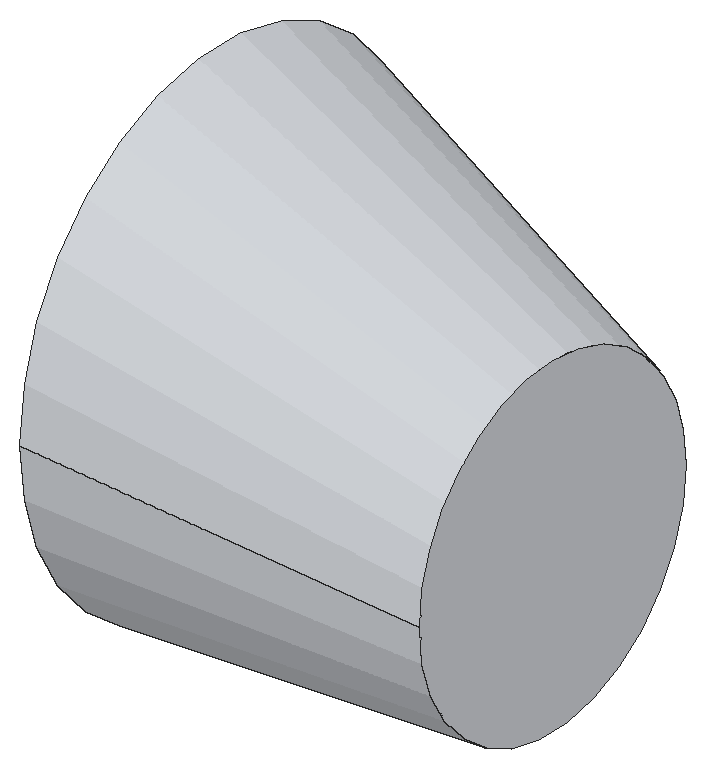
Revit family "32W", category Pipe Accessories, Revit 2018
Family settings
  Round Connector Dimension = Use Diameter
  Part Type = Normal
  Work Plane-Based = No
  Always vertical = Yes
  Cut with Voids When Loaded = No
  Shared = No
Parameters (values of type "32W Buttweld Eccentric Reducer")
  reduced pipe radius [instance] = reduced pipe diameter / 2  # 2.000"
  reduced pipe diameter [instance] = 4.000"
  pipe radius [instance] = Nominal Diameter / 2  # 3.000"
  Weight [instance] = size_lookup(LookupTable, "Weight", "NA", Reduced Code)  # "NA"
  URL = "http://www.fnw.com"
  Standards Lookup Table = "Standards"  # constant formula
  Reduced Code [instance] = Nominal 1 Code + reduced pipe diameter  # 804.000"
  Product ID [instance] = size_lookup(LookupTable, "ProductID", "NA", Reduced Code)  # "NA"
  Part Number [instance] = size_lookup(LookupTable, "PartNumber", "NA", Reduced Code)  # "NA"
  Nominal Diameter [instance] = 6"
  Nominal 1 Code [instance] = if(Nominal Diameter = 0.750", 100.000", if(Nominal Diameter = 1.000", 200.000", if(Nominal Diameter = 1.500", 300.000", if(Nominal Diameter = 2.000", 400.000", if(Nominal Diameter = 2.500", 500.000", if(Nominal Diameter = 3.000", 600.000", if(Nominal Diameter = 4.000", 700.000", if(Nominal Diameter = 6.000", 800.000", 0.000"))))))))  # 800.000"
  LookupTable = "32W Buttweld Eccentric Reducer"  # constant formula
  Description BOM [instance] = size_lookup(LookupTable, "Description_BOM", "NA", Reduced Code)  # "NA"
  A [instance] = size_lookup(LookupTable, "A", 4.000", Reduced Code)  # 4.000"
Reference planes (in)
  plane 1 "Center (Front/Back)": y = 0
  plane 2: z = 0
  plane 3 "Center (Left/Right)": x = 0
  plane 4: z = 3
  plane 5: x = -2
  plane 6: x = 2
  plane 7: z = 2
Forms (in)
  Blend 1, solid
    base sketch origin (0, 0, 0) x (0, 1, 0) y (0, 0, 1)
      loop
        circle (0, 3) r 3
    top sketch origin (0, 0, 0) x (0, 1, 0) y (0, 0, 1)
      loop
        circle (0, 2) r 2
    from -2 to 2
Text (in)
  text "3/4 x 1/2 shown" at (4.29491, 0, -3.03998), in view "Front"
Dimensions and locks (in)
  equal spacing: plane 6, plane 3 "Center (Left/Right)", plane 5
  "A": plane 6 to plane 5
  "pipe radius": plane 4 to plane 2
  "reduced pipe radius": plane 7 to plane 2
  "pipe radius": radius of Blend 1 sketch curve
  "reduced pipe radius": radius of Blend 1 sketch curve
  aligned and locked: plane 2 to level
  aligned and locked: Blend 1 to plane 5
  aligned and locked: plane 6 to Blend 1
Automatic sketch dimensions
  Blend 1 sketch curve to plane 1 "Center (Front/Back)" = 0.000"  (x2)
  plane 4 to Blend 1 sketch curve = 0.000"
  Blend 1 sketch curve to plane 7 = 0.000"
Connectors (in)
  piping at (-2, 0, 3), diameter 6, driven by "Nominal Diameter"
    settings: on Blend 1, index 1, connector inside diameter 24", connector length 0.000", flow factor 0, pipe flow 0 GPM, pressure drop 0.00 psi, fitting loss kfactor 0, connector angle 0.00°, fixture units 0, engagement length 0.000", angle of deflection 0.00°, flow configuration 0, flow direction 0, fitting loss method 0, system type 16, joint type 0, gender type 0, connector reference index -1, connector utility 0, adjustable connector no, is connector primary yes, connector description ""
  piping at (2, 0, 2), diameter 4, driven by "reduced pipe diameter"
    settings: on Blend 1, index 2, connector inside diameter 24", connector length 0.000", flow factor 0, pipe flow 0 GPM, pressure drop 0.00 psi, fitting loss kfactor 0, connector angle 0.00°, fixture units 0, engagement length 0.000", angle of deflection 0.00°, flow configuration 0, flow direction 0, fitting loss method 0, system type 7, joint type 0, gender type 0, connector reference index -1, connector utility 0, adjustable connector no, is connector primary no, connector description ""
